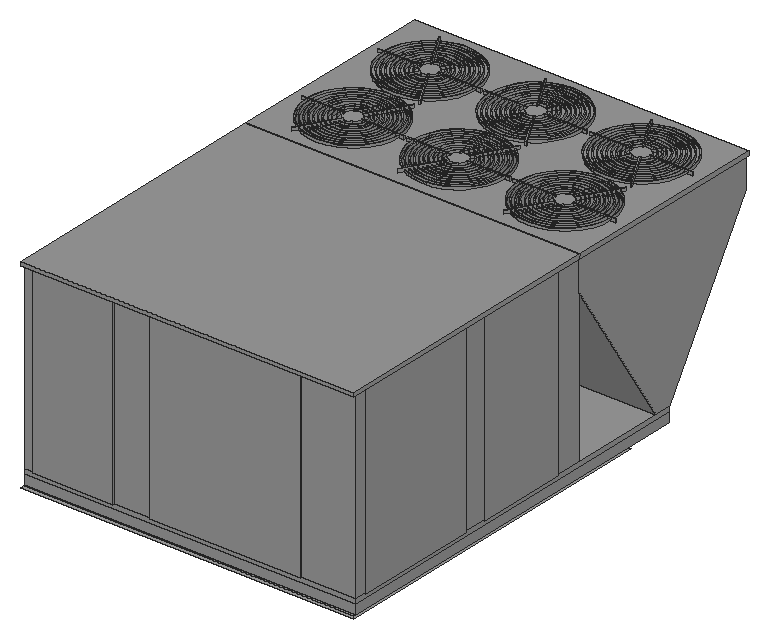
Revit family "RTU-1", category Mechanical Equipment, host Face, Revit 2025 (continued)
Automatic sketch dimensions
  Extrusion 58 sketch curve to Extrusion 58 sketch curve = 0.21651"
  Extrusion 58 sketch curve to Extrusion 58 sketch curve = 9.96767"
  Extrusion 38 sketch curve to plane 107 = 2 3/8"
  Extrusion 39 sketch curve to Extrusion 39 sketch curve = 0"  (x4)
  Extrusion 39 sketch curve to plane 119 = 10.12829"
  Extrusion 39 sketch curve to Extrusion 39 sketch curve = 2.37171"
  Extrusion 40 sketch curve to Extrusion 40 sketch curve = 0"  (x4)
  Extrusion 40 sketch curve to plane 121 = 10.12829"
  Extrusion 40 sketch curve to Extrusion 40 sketch curve = 2.37171"
  Extrusion 47 sketch curve to Extrusion 47 sketch curve = 0"  (x4)
  Extrusion 47 sketch curve to plane 153 = 10.12829"
  Extrusion 48 sketch curve to Extrusion 48 sketch curve = 0"  (x4)
  Extrusion 48 sketch curve to plane 155 = 10.12829"
  Extrusion 49 sketch curve to Extrusion 49 sketch curve = 0"  (x4)
  Extrusion 49 sketch curve to plane 157 = 10.12829"
  Extrusion 50 sketch curve to Extrusion 50 sketch curve = 0"  (x4)
  Extrusion 50 sketch curve to plane 159 = 10.12829"
  Extrusion 39 sketch curve to Extrusion 39 sketch curve = 1/8"
  Extrusion 40 sketch curve to Extrusion 40 sketch curve = 1/8"
  Extrusion 41 sketch curve to plane 122 = 2 3/8"
  Extrusion 42 sketch curve to Extrusion 42 sketch curve = 0"  (x4)
  Extrusion 42 sketch curve to plane 134 = 10.12829"
  Extrusion 42 sketch curve to Extrusion 42 sketch curve = 2.37171"
  Extrusion 43 sketch curve to Extrusion 43 sketch curve = 0"  (x4)
  Extrusion 43 sketch curve to plane 136 = 10.12829"
  Extrusion 43 sketch curve to Extrusion 43 sketch curve = 2.37171"
  Extrusion 51 sketch curve to Extrusion 51 sketch curve = 0"  (x4)
  Extrusion 51 sketch curve to plane 161 = 10.12829"
  Extrusion 52 sketch curve to Extrusion 52 sketch curve = 0"  (x4)
  Extrusion 52 sketch curve to plane 163 = 10.12829"
  Extrusion 53 sketch curve to Extrusion 53 sketch curve = 0"  (x4)
  Extrusion 53 sketch curve to plane 165 = 10.12829"
  Extrusion 54 sketch curve to Extrusion 54 sketch curve = 0"  (x4)
  Extrusion 54 sketch curve to plane 167 = 10.12829"
  Extrusion 42 sketch curve to Extrusion 42 sketch curve = 1/8"
  Extrusion 43 sketch curve to Extrusion 43 sketch curve = 1/8"
  Extrusion 44 sketch curve to plane 137 = 2 3/8"
  Extrusion 45 sketch curve to Extrusion 45 sketch curve = 0"  (x4)
  Extrusion 45 sketch curve to plane 149 = 10.12829"
  Extrusion 45 sketch curve to Extrusion 45 sketch curve = 2.37171"
  Extrusion 46 sketch curve to Extrusion 46 sketch curve = 0"  (x4)
  Extrusion 46 sketch curve to plane 151 = 10.12829"
  Extrusion 46 sketch curve to Extrusion 46 sketch curve = 2.37171"
  Extrusion 55 sketch curve to plane 169 = 10.12829"
  Extrusion 56 sketch curve to plane 171 = 10.12829"
  Extrusion 57 sketch curve to plane 173 = 10.12829"
  Extrusion 58 sketch curve to plane 175 = 10.12829"
  Extrusion 45 sketch curve to Extrusion 45 sketch curve = 1/8"
  Extrusion 46 sketch curve to Extrusion 46 sketch curve = 1/8"
  Extrusion 51 sketch curve to Extrusion 51 sketch curve = 1.0776"
  Extrusion 51 sketch curve to Extrusion 51 sketch curve = 0.21651"
  Extrusion 51 sketch curve to Extrusion 51 sketch curve = 9.96767"
  Extrusion 52 sketch curve to Extrusion 52 sketch curve = 1.0776"
  Extrusion 52 sketch curve to Extrusion 52 sketch curve = 0.21651"
  Extrusion 52 sketch curve to Extrusion 52 sketch curve = 0.06535"
  Extrusion 53 sketch curve to Extrusion 53 sketch curve = 1.0776"
  Extrusion 53 sketch curve to Extrusion 53 sketch curve = 0.21651"
  Extrusion 53 sketch curve to Extrusion 53 sketch curve = 0.06535"
  Extrusion 54 sketch curve to Extrusion 54 sketch curve = 1.0776"
  Extrusion 54 sketch curve to Extrusion 54 sketch curve = 0.21651"
  Extrusion 54 sketch curve to Extrusion 54 sketch curve = 9.96767"
  Extrusion 12 sketch curve to Extrusion 12 sketch curve = 15"
  plane 3 "Center (Left/Right)" to Extrusion 12 sketch curve = 12 1/4"
  Extrusion 12 sketch curve to plane 3 "Center (Left/Right)" = 7 3/4"
  Extrusion 12 sketch curve to Extrusion 12 sketch curve = 0"
  plane 180 to Blend 4 sketch curve = 7/16"
  plane 181 to Blend 4 sketch curve = 7/16"
  plane 182 to Blend 4 sketch curve = 1/2"
  Blend 4 sketch curve to plane 29 = 11.68349"
  Blend 4 sketch curve to plane 180 = 0"
  Blend 4 sketch curve to plane 181 = 0"
  Blend 4 sketch curve to plane 182 = 0"
  Blend 4 sketch curve to plane 29 = 11.18349"
  Extrusion 6 sketch curve to plane 180 = 0"
  Extrusion 6 sketch curve to plane 181 = 0"
  Extrusion 6 sketch curve to plane 182 = 0"
  Extrusion 6 sketch curve to plane 27 = 0"
  Extrusion 7 sketch curve to plane 27 = 0"
  Extrusion 7 sketch curve to plane 180 = 0"
  Extrusion 7 sketch curve to plane 181 = 0"
  Extrusion 7 sketch curve to plane 28 = 0"
  radius of Extrusion 8 sketch curve = 12 1/2"  (x3)
  radius of Extrusion 13 sketch curve = 2 3/8"
  radius of Extrusion 13 sketch curve = 3 3/8"
  radius of Extrusion 13 sketch curve = 3 1/2"
  radius of Extrusion 13 sketch curve = 4 3/8"
  radius of Extrusion 13 sketch curve = 5 1/4"
  radius of Extrusion 13 sketch curve = 4 1/2"
  radius of Extrusion 13 sketch curve = 5 3/8"
  radius of Extrusion 13 sketch curve = 6 3/8"
  radius of Extrusion 13 sketch curve = 7 3/8"
  radius of Extrusion 13 sketch curve = 9 3/8"
  radius of Extrusion 13 sketch curve = 10 3/8"
  radius of Extrusion 13 sketch curve = 11 3/8"
  radius of Extrusion 13 sketch curve = 12 3/8"
  radius of Extrusion 13 sketch curve = 12 1/2"
  radius of Extrusion 13 sketch curve = 7 1/2"
  radius of Extrusion 13 sketch curve = 9 1/2"
  radius of Extrusion 13 sketch curve = 10 1/2"
  radius of Extrusion 13 sketch curve = 11 1/2"
  radius of Extrusion 13 sketch curve = 8 3/8"
  radius of Extrusion 13 sketch curve = 8 1/2"
  radius of Extrusion 13 sketch curve = 6 1/2"
  radius of Extrusion 9 sketch curve = 2 3/8"
  radius of Extrusion 9 sketch curve = 3 3/8"
  radius of Extrusion 9 sketch curve = 3 1/2"
  radius of Extrusion 9 sketch curve = 4 3/8"
  radius of Extrusion 9 sketch curve = 5 1/4"
  radius of Extrusion 9 sketch curve = 4 1/2"
  radius of Extrusion 9 sketch curve = 5 3/8"
  radius of Extrusion 9 sketch curve = 6 3/8"
  radius of Extrusion 9 sketch curve = 7 3/8"
  radius of Extrusion 9 sketch curve = 9 3/8"
  radius of Extrusion 9 sketch curve = 10 3/8"
  radius of Extrusion 9 sketch curve = 11 3/8"
  radius of Extrusion 9 sketch curve = 12 3/8"
  radius of Extrusion 9 sketch curve = 12 1/2"
  radius of Extrusion 9 sketch curve = 7 1/2"
  radius of Extrusion 9 sketch curve = 9 1/2"
  radius of Extrusion 9 sketch curve = 10 1/2"
  radius of Extrusion 9 sketch curve = 11 1/2"
  radius of Extrusion 9 sketch curve = 8 3/8"
  radius of Extrusion 9 sketch curve = 8 1/2"
  radius of Extrusion 9 sketch curve = 6 1/2"
  radius of Extrusion 16 sketch curve = 2 3/8"
  radius of Extrusion 16 sketch curve = 3 3/8"
  radius of Extrusion 16 sketch curve = 3 1/2"
  radius of Extrusion 16 sketch curve = 4 3/8"
  radius of Extrusion 16 sketch curve = 5 1/4"
  radius of Extrusion 16 sketch curve = 4 1/2"
  radius of Extrusion 16 sketch curve = 5 3/8"
  radius of Extrusion 16 sketch curve = 6 3/8"
  radius of Extrusion 16 sketch curve = 7 3/8"
  radius of Extrusion 16 sketch curve = 9 3/8"
  radius of Extrusion 16 sketch curve = 10 3/8"
  radius of Extrusion 16 sketch curve = 11 3/8"
  radius of Extrusion 16 sketch curve = 12 3/8"
  radius of Extrusion 16 sketch curve = 12 1/2"
  radius of Extrusion 16 sketch curve = 7 1/2"
  radius of Extrusion 16 sketch curve = 9 1/2"
  radius of Extrusion 16 sketch curve = 10 1/2"
  radius of Extrusion 16 sketch curve = 11 1/2"
  radius of Extrusion 16 sketch curve = 8 3/8"
  radius of Extrusion 16 sketch curve = 8 1/2"
  radius of Extrusion 16 sketch curve = 6 1/2"
  radius of Extrusion 19 sketch curve = 2 3/8"
  radius of Extrusion 19 sketch curve = 3 3/8"
  radius of Extrusion 19 sketch curve = 3 1/2"
  radius of Extrusion 19 sketch curve = 4 3/8"
  radius of Extrusion 19 sketch curve = 5 1/4"
  radius of Extrusion 19 sketch curve = 4 1/2"
  radius of Extrusion 19 sketch curve = 5 3/8"
  radius of Extrusion 19 sketch curve = 6 3/8"
  radius of Extrusion 19 sketch curve = 7 3/8"
  radius of Extrusion 19 sketch curve = 9 3/8"
  radius of Extrusion 19 sketch curve = 10 3/8"
  radius of Extrusion 19 sketch curve = 11 3/8"
  radius of Extrusion 19 sketch curve = 12 3/8"
  radius of Extrusion 19 sketch curve = 12 1/2"
  radius of Extrusion 19 sketch curve = 7 1/2"
  radius of Extrusion 19 sketch curve = 9 1/2"
  radius of Extrusion 19 sketch curve = 10 1/2"
  radius of Extrusion 19 sketch curve = 11 1/2"
  radius of Extrusion 19 sketch curve = 8 3/8"
  radius of Extrusion 19 sketch curve = 8 1/2"
  radius of Extrusion 19 sketch curve = 6 1/2"
  radius of Extrusion 38 sketch curve = 2 3/8"
  radius of Extrusion 38 sketch curve = 3 3/8"
  radius of Extrusion 38 sketch curve = 3 1/2"
  radius of Extrusion 38 sketch curve = 4 3/8"
  radius of Extrusion 38 sketch curve = 5 1/4"
  radius of Extrusion 38 sketch curve = 4 1/2"
  radius of Extrusion 38 sketch curve = 5 3/8"
  radius of Extrusion 38 sketch curve = 6 3/8"
  radius of Extrusion 38 sketch curve = 7 3/8"
  radius of Extrusion 38 sketch curve = 9 3/8"
  radius of Extrusion 38 sketch curve = 10 3/8"
  radius of Extrusion 38 sketch curve = 11 3/8"
  radius of Extrusion 38 sketch curve = 12 3/8"
  radius of Extrusion 38 sketch curve = 12 1/2"
  radius of Extrusion 38 sketch curve = 7 1/2"
  radius of Extrusion 38 sketch curve = 9 1/2"
  radius of Extrusion 38 sketch curve = 10 1/2"
  radius of Extrusion 38 sketch curve = 11 1/2"
  radius of Extrusion 38 sketch curve = 8 3/8"
  radius of Extrusion 38 sketch curve = 8 1/2"
  radius of Extrusion 38 sketch curve = 6 1/2"
  radius of Extrusion 41 sketch curve = 2 3/8"
  radius of Extrusion 41 sketch curve = 3 3/8"
  radius of Extrusion 41 sketch curve = 3 1/2"
  radius of Extrusion 41 sketch curve = 4 3/8"
  radius of Extrusion 41 sketch curve = 5 1/4"
  radius of Extrusion 41 sketch curve = 4 1/2"
  radius of Extrusion 41 sketch curve = 5 3/8"
  radius of Extrusion 41 sketch curve = 6 3/8"
  radius of Extrusion 41 sketch curve = 7 3/8"
  radius of Extrusion 41 sketch curve = 9 3/8"
  radius of Extrusion 41 sketch curve = 10 3/8"
  radius of Extrusion 41 sketch curve = 11 3/8"
  radius of Extrusion 41 sketch curve = 12 3/8"
  radius of Extrusion 41 sketch curve = 12 1/2"
  radius of Extrusion 41 sketch curve = 7 1/2"
  radius of Extrusion 41 sketch curve = 9 1/2"
  radius of Extrusion 41 sketch curve = 10 1/2"
  radius of Extrusion 41 sketch curve = 11 1/2"
  radius of Extrusion 41 sketch curve = 8 3/8"
  radius of Extrusion 41 sketch curve = 8 1/2"
  radius of Extrusion 41 sketch curve = 6 1/2"
  radius of Extrusion 44 sketch curve = 2 3/8"
  radius of Extrusion 44 sketch curve = 3 3/8"
  radius of Extrusion 44 sketch curve = 3 1/2"
  radius of Extrusion 44 sketch curve = 4 3/8"
  radius of Extrusion 44 sketch curve = 5 1/4"
  radius of Extrusion 44 sketch curve = 4 1/2"
  radius of Extrusion 44 sketch curve = 5 3/8"
  radius of Extrusion 44 sketch curve = 6 3/8"
  radius of Extrusion 44 sketch curve = 7 3/8"
  radius of Extrusion 44 sketch curve = 9 3/8"
  radius of Extrusion 44 sketch curve = 10 3/8"
  radius of Extrusion 44 sketch curve = 11 3/8"
  radius of Extrusion 44 sketch curve = 12 3/8"
  radius of Extrusion 44 sketch curve = 12 1/2"
  radius of Extrusion 44 sketch curve = 7 1/2"
  radius of Extrusion 44 sketch curve = 9 1/2"
  radius of Extrusion 44 sketch curve = 10 1/2"
  radius of Extrusion 44 sketch curve = 11 1/2"
  radius of Extrusion 44 sketch curve = 8 3/8"
  radius of Extrusion 44 sketch curve = 8 1/2"
  radius of Extrusion 44 sketch curve = 6 1/2"
Nested families (in)
  nested 1: "Panel" at (44.5625, -32.875, 28.84375) x (0, 1, 0) z (1, 0, 0), type "Panel"
    with Width 33 1/2", Length 49 7/16"
  nested 2: "Panel" at (44.5625, 2.6875, 28.84375) x (0, 1, 0) z (1, 0, 0), type "Panel"
    with Width 24 7/8", Length 49 7/16"
  nested 3: "Panel" at (-44.5625, -32.875, 28.84375) x (0, 1, 0) z (-1, 0, 0), type "Panel"
    with Width 33 1/2", Length 49 7/16"
  nested 4: "Panel" at (-44.5625, 2.6875, 28.84375) x (0, 1, 0) z (-1, 0, 0), type "Panel"
    with Width 24 7/8", Length 49 7/16"
  nested 5: "Panel" at (-31.46875, -52.75, 28.84375) x (1, 0, 0) z (0, -1, 0), type "Panel"
    with Width 21 9/16", Length 49 7/16"
  nested 6: "Panel" at (9.46875, -52.75, 28.84375) x (1, 0, 0) z (0, -1, 0), type "Panel"
    with Width 40 11/16", Length 49 7/16"
Connectors (in)
  hvac at (-33.25, -10.5625, 12), driven by "Return Flow"
    settings: on cut or joined group of Extrusion 1, Extrusion 12, index 1, duct flow 0 CFM, flow factor 0, pres drop 0.00 in-wg, loss coef 0, conn angle 0.00°, conn width 60", conn height 15", conn diameter 24", duct sys type 2, conn prof type 1, flow config 0, flow direction 1, loss method 4, conn ref index -1, conn util no, is conn primary no, conn desc "return"
  hvac at (2.25, -10.5625, 12), driven by "Supply Flow"
    settings: on cut or joined group of Extrusion 1, Extrusion 12, index 2, duct flow 0 CFM, flow factor 0, pres drop 0.00 in-wg, loss coef 0, conn angle 0.00°, conn width 60", conn height 20", conn diameter 24", duct sys type 1, conn prof type 1, flow config 0, flow direction 2, loss method 4, conn ref index -1, conn util no, is conn primary yes, conn desc "supply"
Definition of nested family "Panel"
  Parameters (values of type "Panel")
    Width [instance] = 21 9/16"
    Material = none
    Length [instance] = 49 7/16"
    Default Elevation = 48"
  Reference planes (in)
    plane 1 "Center (Front/Back)": y = 0
    plane 2: z = 0
    plane 3 "Center (Left/Right)": x = 0
    plane 4: z = 0.25
    plane 5: x = -10.78125
    plane 6: x = 10.78125
    plane 7: y = 24.71875
    plane 8: y = -24.71875
  Forms (in)
    Extrusion 1, solid
      sketch origin (0, 0, 0) x (1, 0, 0) y (0, 1, 0)
        loop
          line (-48, 48) -> (-48, -48) -> (48, -48) -> (48, 48) -> (-48, 48)
      from 0 to -12
    Extrusion 2, solid, material <- "Material"
      sketch origin (0, 0, 0) x (1, 0, 0) y (0, 1, 0)
        loop
          line (-10.78125, 24.71875) -> (-10.78125, -24.71875) -> (10.78125, -24.71875) -> (10.78125, 24.71875) -> (-10.78125, 24.71875)
      from 0 to 0.25
  Dimensions and locks (in)
    plane 4 to plane 2 = 1/4"
    equal spacing: plane 5, plane 3 "Center (Left/Right)", plane 6
    equal spacing: plane 7, plane 1 "Center (Front/Back)", plane 8
    "Length": plane 7 to plane 8
    "Width": plane 5 to plane 6
    aligned and locked: plane 2 to Extrusion 1
    aligned and locked: level to Extrusion 1
    aligned and locked: plane 4 to Extrusion 2
    aligned and locked: Extrusion 2 to plane 6
    aligned and locked: Extrusion 2 to plane 5
    aligned and locked: plane 8 to Extrusion 2
    aligned and locked: plane 7 to Extrusion 2
  Automatic sketch dimensions
    Extrusion 1 sketch curve to Extrusion 1 sketch curve = 96"  (x2)
    plane 5 to Extrusion 2 sketch curve = 0"
    Extrusion 2 sketch curve to plane 6 = 0"
    plane 1 "Center (Front/Back)" to Extrusion 2 sketch curve = 24 23/32"
    Extrusion 2 sketch curve to plane 1 "Center (Front/Back)" = 24 23/32"
